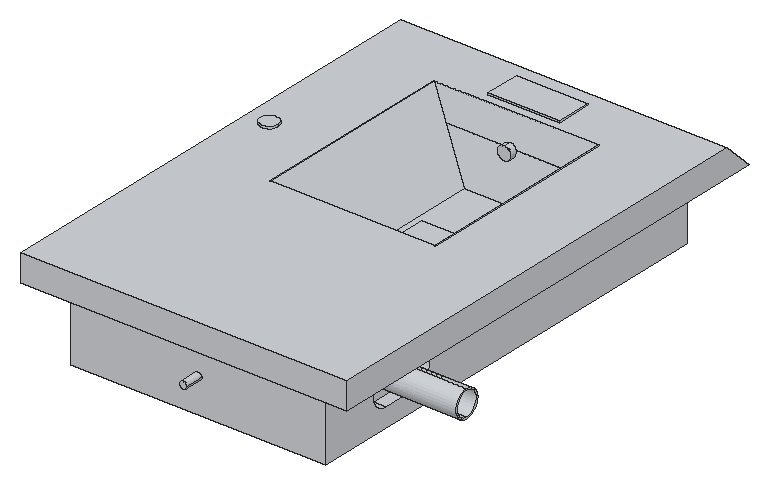
Revit family "WHBF4-WF1-EG10", category Mechanical Equipment, host Face, Revit 2016
Family settings
  Host = Face
  Part Type = Normal
  Round Connector Dimension = Use Diameter
  OmniClass Number = 23.65.70.11.11
  OmniClass Title = Fixtures for Liquids
  Cut with Voids When Loaded = No
  Shared = Yes
  Room Calculation Point = No
Parameters (values of type "WHBF4-WF1-EG10")
  Waste Connection = yes
  OVERALL SIZE WIDTH = 18.25
  Voltage = 0
  Vent Connection = no
  URL = "https://www.acorneng.com/"
  Type Comments = ""
  Tempered Water Connection = no
  Revised Date = "04/10/18"
  Phone# = "(800) 488-8999"
  Model = "WHBF4-WF1-EG10"
  Material = Stainless Steel
  Manufacturer = "WHITEHALL"
  OVERALL SIZE HEIGHT = 6
  HW Connection = no
  Designed By = "ACORN BIM DESIGN TEAM"
  Description = "Sensor Activated Ligature Resistant Cup Filler"
  Default Elevation = 36.000"
  OVERALL DEPTH = 28
  CW Connection = yes
  Assembly Code = ""
  Amperage = 0
  MGRD-E501 = yes
Reference planes (in)
  plane 1 "Center (Front/Back)": y = -2.6032
  plane 2: z = 0
  plane 3 "Center (Left/Right)": x = 0
  plane 4: z = -7.625
  plane 5: x = -11
  plane 6: x = 11
  plane 7: y = 20.3968
  plane 8: y = -25.6032
  plane 9: x = 16
  plane 10: x = -16
Forms (in)
  Extrusion 1, void
    sketch origin (5.44126, -7.70529, 0.36903) x (1, 0, 0) y (0, 1, 0)
      loop
        line (-12.69126, -5.34071) -> (1.80874, -5.34071) -> (1.80874, 20.00129) -> (-12.69126, 20.00129) -> (-12.69126, -5.34071)
    from -4.24903 to -0.36903
  Extrusion 2, solid
    sketch origin (0, 0, 0) x (1, 0, 0) y (0, 1, 0)
      loop
        line (-9.125, 14.046) -> (-9.125, -14.046) -> (9.125, -14.046) -> (9.125, 14.046) -> (-9.125, 14.046)
    from 0 to 1.5
  Extrusion 3, void
    sketch origin (-1.68976, 0, 0) x (0, 0, -1) y (0, 1, 0)
      loop
        line (-1.5, 14.046) -> (-1.5, 12.546) -> (0, 14.046) -> (-1.5, 14.046)
    from -7.43524 to 10.81476
  Extrusion 4, solid
    sketch origin (-1.68976, 0, 0) x (0, 0, -1) y (0, 1, 0)
      loop
        line (0, 12.234) -> (0, -13.016) -> (3.85, -13.016) -> (3.85, 12.234) -> (0, 12.234)
    from -5.43524 to 8.81476
  Extrusion 5, void
    sketch origin (-1.68976, 0, 0) x (0, 0, -1) y (0, 1, 0)
      loop
        line (-1.5, 9.246) -> (-1.5, -2.254) -> (2.357, -2.254) -> (2.357, 7.91793) -> (-1.5, 9.246)
    from -2.93524 to 6.31476
  Extrusion 6, solid
    sketch origin (-3, -7.2337, -2.23988) x (1, 0, 0) y (0, 0, 1)
      loop
        line (-1.625, 3.73988) -> (-1.625, -0.11712) -> (1.125, -0.11712) -> (-1.625, 3.73988)
      loop
        line (7.625, 3.73988) -> (4.875, -0.11712) -> (7.625, -0.11712) -> (7.625, 3.73988)
    from -16.4797 to -4.9797
  Extrusion 7, solid
    sketch origin (-1.68976, 0, 0) x (0, 0, -1) y (0, 1, 0)
      loop
        line (-1.5, 9.246) -> (2.357, 7.91793) -> (2.357, 9.246) -> (-1.5, 9.246)
    from -2.93524 to 6.31476
  Extrusion 8, solid
    sketch origin (0, 0, 0) x (1, 0, 0) y (0, 1, 0)
      loop
        line (-1.375, 4.308) -> (-1.375, -1.692) -> (1.375, -1.692) -> (1.375, 4.308) -> (-1.375, 4.308)
    from -2.357 to -2.232
  Extrusion 9, void
    sketch origin (0, 0, 0) x (1, 0, 0) y (0, 1, 0)
      loop
        arc (-0.15625, 5.25031) -> (-0.28125, 5.12531) -> (-0.15625, 5.00031) r 0.125
        line (-0.15625, 5.00031) -> (0.15625, 5.00031)
        arc (0.15625, 5.00031) -> (0.28125, 5.12531) -> (0.15625, 5.25031) r 0.125
        line (0.15625, 5.25031) -> (-0.15625, 5.25031)
    from -2.4565 to -2.357
  Extrusion 10, solid
    sketch origin (0, 0, 0) x (1, 0, 0) y (0, 1, 0)
      loop
        line (-2, 11.746) -> (-2, 9.746) -> (2, 9.746) -> (2, 11.746) -> (-2, 11.746)
    from 1.5 to 1.562
  Extrusion 11, void
    sketch origin (-0.52609, 0, 0) x (1, 0, 0) y (0, 1, 0)
      loop
        line (-0.30948, 10.73316) -> (-0.30948, 10.34449) -> (1.31829, 10.34449) -> (1.31829, 10.73316) -> (-0.30948, 10.73316)
    from 0 to 0.06
  Extrusion 12, solid
    sketch origin (0, 0, 0) x (1, 0, 0) y (0, 1, 0)
      loop
        circle (-7.87977, 1.79254) r 0.5
    from 1.5 to 1.6
  Extrusion 13, solid
    sketch origin (-3, -7.2337, -2.23988) x (1, 0, 0) y (0, 0, 1)
      loop
        circle (3, 0.31879) r 0.19097
    from 5.7823 to 6.8123
  Extrusion 14, void
    sketch origin (-1.68976, 0, 0) x (0, 0, -1) y (0, 1, 0)
      loop
        line (0.84892, -6.69951) -> (0.84892, -8.73053)
        spline (0.84892, -8.73053) -> (0.88299, -8.98935) -> (0.98289, -9.23053) -> (1.14181, -9.43764) -> (1.34892, -9.59656) -> (1.5901, -9.69646) -> (1.84892, -9.73053) -> (2.10774, -9.69646) -> (2.34892, -9.59656) -> (2.55603, -9.43764) -> (2.71495, -9.23053) -> (2.81485, -8.98935) -> (2.84892, -8.73053)
        line (2.84892, -8.73053) -> (2.84892, -6.69951)
        arc (2.84892, -6.69951) -> (1.84892, -5.69951) -> (0.84892, -6.69951) r 1
    from 8.06476 to 8.81476
  Extrusion 15, solid
    sketch origin (-1.68976, 0, 0) x (0, 0, -1) y (0, 1, 0)
      loop
        circle (1.85695, -7.6757) r 0.75
      loop
        circle (1.85695, -7.6757) r 0.68431
    from 8.06476 to 12.43976
  Extrusion 16, solid
    sketch origin (0, 2.51406, 0) x (0, 0, 1) y (-1, 0, 0)
      loop
        circle (-0.14752, 0) r 0.375
    from -8.92703 to -5.88273
Cuts and joins
  Extrusion 3, Extrusion 5, Extrusion 11 cuts Extrusion 2
  Extrusion 11 cuts Extrusion 10
  joined: Extrusion 2, Extrusion 10, Extrusion 12
  Extrusion 5, Extrusion 11, Extrusion 14 cuts Extrusion 4
  Extrusion 9 cuts Extrusion 6
Dimensions and locks (in)
  plane 4 to level = 7.625"
  plane 2 to plane 4 = 7.625"
  host sketch curve to host sketch curve = 31.85766"
  plane 10 to plane 9 = 32.000"
  equal spacing: plane 9, plane 3 "Center (Left/Right)", plane 10
  plane 3 "Center (Left/Right)" to host face = 16.000"
  plane 9 to plane 10 = 32.000"
  plane 7 to plane 8 = 46.000"
  equal spacing: plane 7, plane 1 "Center (Front/Back)", plane 8
  equal spacing: plane 8, plane 1 "Center (Front/Back)", host sketch curve
  equal spacing: Extrusion 1 sketch curve, plane 3 "Center (Left/Right)", Extrusion 1 sketch curve
  equal spacing: plane 5, plane 3 "Center (Left/Right)", plane 6
  plane 5 to plane 6 = 22.000"
  cut or joined group of Extrusion 2, Extrusion 3, Extrusion 5, Extrusion 10, Extrusion 11, Extrusion 12 to Extrusion 1 sketch curve = 1.000"
  cut or joined group of Extrusion 2, Extrusion 3, Extrusion 5, Extrusion 10, Extrusion 11, Extrusion 12 to Extrusion 1 sketch curve = 1.875"
  Extrusion 1 sketch curve to cut or joined group of Extrusion 2, Extrusion 3, Extrusion 5, Extrusion 10, Extrusion 11, Extrusion 12 = 1.750"
  cut or joined group of Extrusion 4, Extrusion 5, Extrusion 11, Extrusion 14 to cut or joined group of Extrusion 2, Extrusion 3, Extrusion 5, Extrusion 10, Extrusion 11, Extrusion 12 = 1.030"
  host face to cut or joined group of Extrusion 4, Extrusion 5, Extrusion 11, Extrusion 14 = 3.850"
  host face to Extrusion 4 sketch curve = 3.850"
  aligned and locked: plane 2 to host face
  aligned and locked: level to host face
  aligned and locked: host face to plane 8
  aligned and locked: level to Extrusion 1
Automatic sketch dimensions
  host sketch curve to host sketch curve = 46.000"
  plane 5 to Extrusion 2 sketch curve = 1.875"
  Extrusion 2 sketch curve to plane 6 = 1.875"
  plane 1 "Center (Front/Back)" to Extrusion 2 sketch curve = 11.4428"
  Extrusion 2 sketch curve to plane 7 = 6.3508"
  Extrusion 3 sketch curve to level = 0.000"
  Extrusion 3 sketch curve to plane 7 = 6.3508"
  level to Extrusion 3 sketch curve = 1.500"
  Extrusion 3 sketch curve to Extrusion 3 sketch curve = 1.500"
  Extrusion 5 sketch curve to plane 1 "Center (Front/Back)" = 0.3492"
  level to Extrusion 5 sketch curve = 1.500"
  Extrusion 5 sketch curve to level = 2.357"
  Extrusion 5 sketch curve to Extrusion 5 sketch curve = 10.17193"
  Extrusion 5 sketch curve to Extrusion 5 sketch curve = 1.32807"
  Extrusion 6 sketch curve to plane 3 "Center (Left/Right)" = 4.625"
  Extrusion 6 sketch curve to plane 3 "Center (Left/Right)" = 1.875"
  plane 3 "Center (Left/Right)" to Extrusion 6 sketch curve = 1.875"
  Extrusion 6 sketch curve to level = 2.357"  (x2)
  level to Extrusion 6 sketch curve = 1.500"  (x2)
  Extrusion 6 sketch curve to Extrusion 6 sketch curve = 2.750"
  Extrusion 7 sketch curve to level = 2.357"
  Extrusion 7 sketch curve to plane 7 = 11.1508"
  level to Extrusion 7 sketch curve = 1.500"
  Extrusion 7 sketch curve to Extrusion 7 sketch curve = 1.32807"
  Extrusion 9 sketch curve to plane 3 "Center (Left/Right)" = 0.15625"
  plane 3 "Center (Left/Right)" to Extrusion 9 sketch curve = 0.15625"
  Extrusion 9 sketch curve to Extrusion 9 sketch curve = 0.125"
  Extrusion 9 sketch curve to plane 1 "Center (Front/Back)" = 7.60351"
  Extrusion 10 sketch curve to plane 3 "Center (Left/Right)" = 2.000"
  plane 3 "Center (Left/Right)" to Extrusion 10 sketch curve = 2.000"
  Extrusion 10 sketch curve to plane 7 = 10.6508"
  Extrusion 10 sketch curve to Extrusion 10 sketch curve = 2.000"
  Extrusion 11 sketch curve to plane 3 "Center (Left/Right)" = 0.83557"
  plane 3 "Center (Left/Right)" to Extrusion 11 sketch curve = 0.79219"
  Extrusion 11 sketch curve to plane 7 = 10.05231"
  Extrusion 11 sketch curve to Extrusion 11 sketch curve = 0.38868"
  plane 5 to Extrusion 12 sketch curve = 3.12023"
  Extrusion 12 sketch curve to plane 1 "Center (Front/Back)" = 4.39575"
  Extrusion 13 sketch curve to plane 3 "Center (Left/Right)" = 0.000"
  Extrusion 13 sketch curve to level = 1.92109"
  Extrusion 14 sketch curve to level = 0.84892"
  Extrusion 14 sketch curve to Extrusion 14 sketch curve = 1.000"
  Extrusion 14 sketch curve to Extrusion 14 sketch curve = 2.03103"
  plane 8 to Extrusion 14 sketch curve = 16.87267"
  Extrusion 15 sketch curve to Extrusion 15 sketch curve = 0.000"  (x2)
  Extrusion 15 sketch curve to level = 1.85695"
  plane 1 "Center (Front/Back)" to Extrusion 15 sketch curve = 5.07249"
  Extrusion 8 sketch curve to plane 3 "Center (Left/Right)" = 1.375"
  plane 3 "Center (Left/Right)" to Extrusion 8 sketch curve = 1.375"
  Extrusion 8 sketch curve to plane 1 "Center (Front/Back)" = 0.9112"
  Extrusion 8 sketch curve to Extrusion 8 sketch curve = 6.000"
  Extrusion 4 sketch curve to level = 0.000"
  plane 1 "Center (Front/Back)" to Extrusion 4 sketch curve = 10.4128"
  Extrusion 4 sketch curve to plane 7 = 8.1628"
  Extrusion 16 sketch curve to plane 3 "Center (Left/Right)" = 0.000"
  Extrusion 16 sketch curve to level = 0.14752"
  radius of Extrusion 12 sketch curve = 0.500"
  radius of Extrusion 13 sketch curve = 0.19097"
  radius of Extrusion 15 sketch curve = 0.750"
  radius of Extrusion 15 sketch curve = 0.68431"
  radius of Extrusion 16 sketch curve = 0.375"
